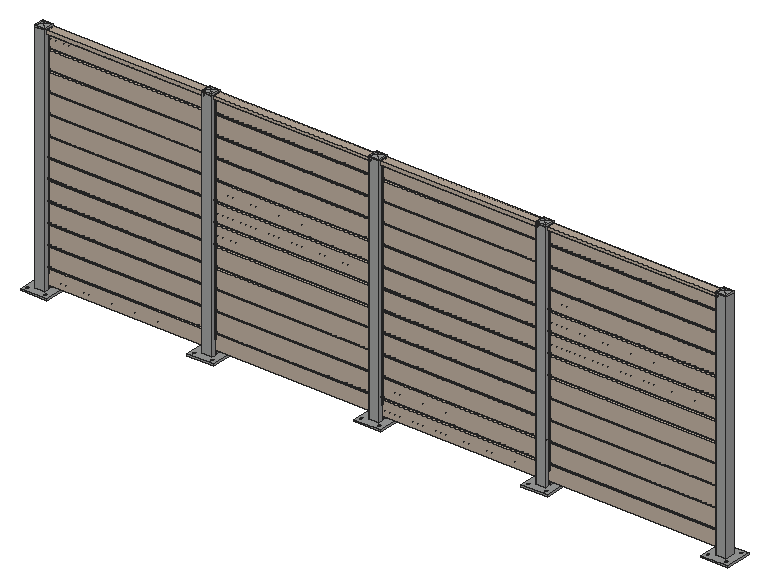
Revit family "Palmshield-Mercury-Solid-Aluminum-Array", category Specialty Equipment, Revit 2026 (continued)
Definition of nested family "Nested-Square_Post-Palmshield-Mercury_Economic-Solid-Vinyl"
  Forms (in)
    Extrusion 4, solid, material <- "Material", visible <- "End Post"
      sketch origin (0, 0, 0) x (1, 0, 0) y (0, 1, 0)
        loop
          line (1.4375, 1.4375) -> (-1.4375, 1.4375) -> (-1.4375, 0.5625) -> (-0.9375, 0.5625) -> (-0.9375, -0.5625) -> (-1.4375, -0.5625) -> (-1.4375, -1.4375) -> (1.4375, -1.4375) -> (1.4375, 1.4375)
      from 0 to 52.86713
    Extrusion 5, void
      sketch origin (0, 0, 0) x (1, 0, 0) y (0, 1, 0)
        loop
          line (-1.5, 1.5) -> (-1.5, -1.5) -> (1.5, -1.5) -> (1.5, 1.5) -> (-1.5, 1.5)
        loop
          line (-2.25, 2.25) -> (-2.25, -2.25) -> (2.25, -2.25) -> (2.25, 2.25) -> (-2.25, 2.25)
      from -0.5 to 4.5
    Extrusion 6, solid, material <- "Material", visible <- "Corner Post Down"
      sketch origin (0, 0, 0) x (1, 0, 0) y (0, 1, 0)
        loop
          line (1.5, -1.5) -> (1.5, 1.5) -> (-1.5, 1.5) -> (-1.5, 0.5625) -> (-2, 0.5625) -> (-2, 0.5) -> (-1, 0.5) -> (-1, -0.5) -> (-2, -0.5) -> (-2, -0.5625) -> (-1.5, -0.5625) -> (-1.5, -1.5) -> (-0.5625, -1.5) -> (-0.5625, -2) -> (-0.5, -2) -> (-0.5, -1) -> (0.5, -1) -> (0.5, -2) -> (0.5625, -2) -> (0.5625, -1.5) -> (1.5, -1.5)
        loop
          line (-1.4375, -1.4375) -> (-0.5625, -1.4375) -> (-0.5625, -0.9375) -> (0.5625, -0.9375) -> (0.5625, -1.4375) -> (1.4375, -1.4375) -> (1.4375, 1.4375) -> (-1.4375, 1.4375) -> (-1.4375, 0.5625) -> (-0.9375, 0.5625) -> (-0.9375, -0.5625) -> (-1.4375, -0.5625) -> (-1.4375, -1.4375)
      from 0 to 52.86713
  Cuts and joins
    Extrusion 5 cuts Extrusion 3
    Extrusion 5 cuts Extrusion 2
    Extrusion 5 cuts Extrusion 4
    Extrusion 5 cuts Extrusion 6
  Lines and regions (in)
    reference lines
      curve 1: line (-3.81017, 0, -0.5) -> (3.68983, 0, -0.5)
      curve 2: line (-3.81017, 0, 4.5) -> (3.68983, 0, 4.5)
  Dimensions and locks (in)
    "Length": plane 4 to plane 2
    locked: plane 4 to plane 5 at 3
    locked: plane 2 to curve 1 at 0.5
    locked: curve 2 to curve 1 at 5
    aligned and locked: plane 2 to Extrusion 1
    aligned and locked: level to Extrusion 1
    aligned and locked: plane 4 to Extrusion 2
    aligned and locked: plane 4 to Extrusion 3
    aligned and locked: plane 4 to Extrusion 4
    aligned and locked: curve 1 to Extrusion 5
    aligned and locked: Extrusion 5 to curve 2
    aligned and locked: plane 4 to Extrusion 6
    aligned and locked: Extrusion 6 to plane 2
  Automatic sketch dimensions
    Extrusion 1 sketch curve to Extrusion 1 sketch curve = 8' - 0"  (x2)
    curve 2 to plane 6 = 0' - 2.31017"
    curve 1 to plane 6 = 0' - 2.31017"
    plane 7 to curve 2 = 0' - 2.18983"
    plane 7 to curve 1 = 0' - 2.18983"
    Extrusion 2 sketch curve to plane 6 = 0' - 0"  (x2)
    Extrusion 2 sketch curve to plane 7 = 0' - 0"  (x2)
    Extrusion 2 sketch curve to plane 9 = 0' - 0"
    Extrusion 2 sketch curve to plane 8 = 0' - 0"
    Extrusion 2 sketch curve to plane 6 = 0' - 0 1/2"  (x2)
    Extrusion 2 sketch curve to Extrusion 2 sketch curve = 0' - 0 1/16"  (x7)
    plane 6 to Extrusion 2 sketch curve = 0' - 0 1/16"
    Extrusion 2 sketch curve to Extrusion 2 sketch curve = 0' - 0 7/16"
    Extrusion 2 sketch curve to plane 7 = 0' - 0 9/16"
    Extrusion 2 sketch curve to plane 7 = 0' - 0 1/16"  (x2)
    plane 7 to Extrusion 2 sketch curve = 0' - 0 1/2"  (x2)
    plane 9 to Extrusion 2 sketch curve = 0' - 0 1/16"
    plane 1 "Center (Front/Back)" to Extrusion 2 sketch curve = 0' - 0 9/16"  (x4)
    Extrusion 2 sketch curve to plane 1 "Center (Front/Back)" = 0' - 0 1/2"  (x2)
    Extrusion 2 sketch curve to Extrusion 2 sketch curve = 0' - 0"  (x2)
    Extrusion 2 sketch curve to plane 8 = 0' - 0 1/16"
    Extrusion 3 sketch curve to plane 6 = 0' - 0"  (x2)
    Extrusion 3 sketch curve to plane 8 = 0' - 0"  (x2)
    Extrusion 3 sketch curve to plane 7 = 0' - 0"
    Extrusion 3 sketch curve to plane 9 = 0' - 0"
    Extrusion 3 sketch curve to plane 6 = 0' - 0 1/2"
    Extrusion 3 sketch curve to Extrusion 3 sketch curve = 0' - 0 1/2"
    plane 6 to Extrusion 3 sketch curve = 0' - 0 1/16"  (x2)
    Extrusion 3 sketch curve to Extrusion 3 sketch curve = 0' - 0 7/16"
    Extrusion 3 sketch curve to Extrusion 3 sketch curve = 0' - 0 1/16"  (x9)
    Extrusion 3 sketch curve to plane 3 "Center (Left/Right)" = 0' - 0 9/16"
    Extrusion 3 sketch curve to Extrusion 3 sketch curve = 0' - 0 3/8"  (x2)
    plane 3 "Center (Left/Right)" to Extrusion 3 sketch curve = 0' - 0 1/2"
    Extrusion 3 sketch curve to plane 8 = 0' - 0 1/16"
    Extrusion 3 sketch curve to plane 7 = 0' - 0 1/16"
    plane 9 to Extrusion 3 sketch curve = 0' - 0 1/16"
    plane 1 "Center (Front/Back)" to Extrusion 3 sketch curve = 0' - 0 9/16"
    Extrusion 3 sketch curve to Extrusion 3 sketch curve = 0' - 0"
    Extrusion 3 sketch curve to plane 1 "Center (Front/Back)" = 0' - 0 1/2"
    plane 8 to Extrusion 3 sketch curve = 0' - 0 1/2"  (x2)
    Extrusion 4 sketch curve to plane 6 = 0' - 0"  (x2)
    Extrusion 4 sketch curve to plane 7 = 0' - 0"
    Extrusion 4 sketch curve to plane 9 = 0' - 0"
    Extrusion 4 sketch curve to plane 8 = 0' - 0"
    Extrusion 4 sketch curve to Extrusion 4 sketch curve = 0' - 0 1/2"
    Extrusion 4 sketch curve to plane 6 = 0' - 0 1/2"
    plane 6 to Extrusion 4 sketch curve = 0' - 0 1/16"  (x2)
    Extrusion 4 sketch curve to Extrusion 4 sketch curve = 0' - 0 7/16"
    Extrusion 4 sketch curve to Extrusion 4 sketch curve = 0' - 0 1/16"  (x3)
    Extrusion 4 sketch curve to plane 7 = 0' - 0 1/16"
    plane 9 to Extrusion 4 sketch curve = 0' - 0 1/16"
    plane 1 "Center (Front/Back)" to Extrusion 4 sketch curve = 0' - 0 9/16"
    Extrusion 4 sketch curve to Extrusion 4 sketch curve = 0' - 0"  (x2)
    Extrusion 4 sketch curve to plane 1 "Center (Front/Back)" = 0' - 0 1/2"
    Extrusion 4 sketch curve to plane 8 = 0' - 0 1/16"
    Extrusion 5 sketch curve to plane 6 = 0' - 0"
    Extrusion 5 sketch curve to plane 7 = 0' - 0"
    Extrusion 5 sketch curve to plane 9 = 0' - 0"
    Extrusion 5 sketch curve to plane 8 = 0' - 0"
    Extrusion 5 sketch curve to plane 6 = 0' - 0 3/4"
    plane 7 to Extrusion 5 sketch curve = 0' - 0 3/4"
    Extrusion 5 sketch curve to plane 9 = 0' - 0 3/4"
    plane 8 to Extrusion 5 sketch curve = 0' - 0 3/4"
    Extrusion 6 sketch curve to plane 6 = 0' - 0"  (x2)
    Extrusion 6 sketch curve to plane 9 = 0' - 0"  (x2)
    Extrusion 6 sketch curve to plane 7 = 0' - 0"
    Extrusion 6 sketch curve to plane 8 = 0' - 0"
    Extrusion 6 sketch curve to plane 6 = 0' - 0 1/2"
    Extrusion 6 sketch curve to Extrusion 6 sketch curve = 0' - 0 1/2"  (x2)
    plane 6 to Extrusion 6 sketch curve = 0' - 0 1/16"  (x2)
    Extrusion 6 sketch curve to Extrusion 6 sketch curve = 0' - 0 7/16"  (x2)
    Extrusion 6 sketch curve to Extrusion 6 sketch curve = 0' - 0 1/16"  (x8)
    Extrusion 6 sketch curve to plane 3 "Center (Left/Right)" = 0' - 0 9/16"
    Extrusion 6 sketch curve to Extrusion 6 sketch curve = 0' - 0 3/8"  (x2)
    plane 3 "Center (Left/Right)" to Extrusion 6 sketch curve = 0' - 0 1/2"
    plane 9 to Extrusion 6 sketch curve = 0' - 0 1/16"  (x2)
    Extrusion 6 sketch curve to plane 7 = 0' - 0 1/16"
    Extrusion 6 sketch curve to plane 9 = 0' - 0 1/2"
    Extrusion 6 sketch curve to Extrusion 6 sketch curve = 0' - 0"
    Extrusion 6 sketch curve to plane 1 "Center (Front/Back)" = 0' - 0 1/2"
    Extrusion 6 sketch curve to plane 8 = 0' - 0 1/16"
Definition of nested family "Screening-Louver-Assembly-Panel-Palmshield-Mercury_Economic-Solid-Aluminum"
  Parameters (values of type "6063 T6 ALUM 6" TONGUE AND GROOVE INFILL")
    Width = 0' - 6"  # constant formula
    Warranty URL = "https://palmshieldlouvers.com/wp-content/uploads/2020/01/PalmSHIELD-Warranty-NO-SIGN-LINE.pdf"
    Version = "2020 - v1.0a"  # constant formula
    URL = "https://palmshieldlouvers.com/"
    Thickness = 0' - 0 15/16"  # constant formula
    Product Page URL = "Contact Manufacturer for More Information"
    Product Documentation Link = "Contact Manufacturer for More Information"
    Model = "Mercury Economic Solid"  # constant formula
    Material [instance] = none
    Manufacturer Phone Number = "531-329-4406 "  # constant formula
    Manufacturer Fax Number = "Consult Manufacturer Website for More Information"  # constant formula
    Manufacturer Email = "mailto: info@palmshieldlouvers.com"
    Manufacturer Address = "12330 Cary Circle, La Vista, NE 68128"  # constant formula
    Manufacturer = "PalmSHIELD"  # constant formula
    Length [instance] = 4' - 4.86713"
    Keynote = "05 10 00"
    Instruction Sheet Link = "Contact Manufacturer for More Information"
    ID [instance] = ""
    Field Cut [instance] = no
    Desired Cut Distance [instance] = 0' - 1 3/4"
    Description = "Mercury Economic Solid - Louvers"  # constant formula
    Default Elevation = 4' - 0"
    Copyright = "Copyright ©2024 The American Fence Company and PalmSHIELD. All Rights Reserved."  # constant formula
    Component Name [instance] = "Mercury Economic Solid - Aluminum - Louvers"  # constant formula
    C Cut Distance [instance] = if(not(Field Cut), 0' 0 3/4", if(Field Cut, (if(Desired Cut Distance < 0' 0 3/4", 0' 0 3/4", if(Desired Cut Distance > 0' 6 3/4", 0' 6 3/4", Desired Cut Distance))), 0' 0 3/4"))  # 0' - 0 3/4"
    Assembly Code = "F1020100"
Definition of nested family "Screening-Louver-Assembly-Post-Palmshield-Mercury_Economic-Solid"
  Parameters (values of type "3" x 3" x 3/4"")
    Width = 0' - 3"  # constant formula
    Warranty URL = "https://palmshieldlouvers.com/wp-content/uploads/2020/01/PalmSHIELD-Warranty-NO-SIGN-LINE.pdf"
    Version = "2020 - v1.0a"  # constant formula
    URL = "https://palmshieldlouvers.com/"
    Thickness = 0' - 0 3/4"  # constant formula
    Product Page URL = "Contact Manufacturer for More Information"
    Product Documentation Link = "Contact Manufacturer for More Information"
    Model = "Mercury Economic Solid"  # constant formula
    Material [instance] = none
    Manufacturer Phone Number = "531-329-4406 "  # constant formula
    Manufacturer Fax Number = "Consult Manufacturer Website for More Information"  # constant formula
    Manufacturer Email = "mailto: info@palmshieldlouvers.com"
    Manufacturer Address = "12330 Cary Circle, La Vista, NE 68128"  # constant formula
    Manufacturer = "PalmSHIELD"  # constant formula
    Keynote = "05 10 00"
    ID [instance] = ""
    Description = "Mercury Economic Solid - Aluminum - Top Cap"  # constant formula
    Default Elevation = 4' - 0"
    Copyright = "©2023 The American Fence Company and PalmSHIELD. All Rights Reserved."  # constant formula
    Component Name [instance] = "Mercury Economic Solid - Aluminum - Top Cap"  # constant formula
    Assembly Code = "F1020100"
